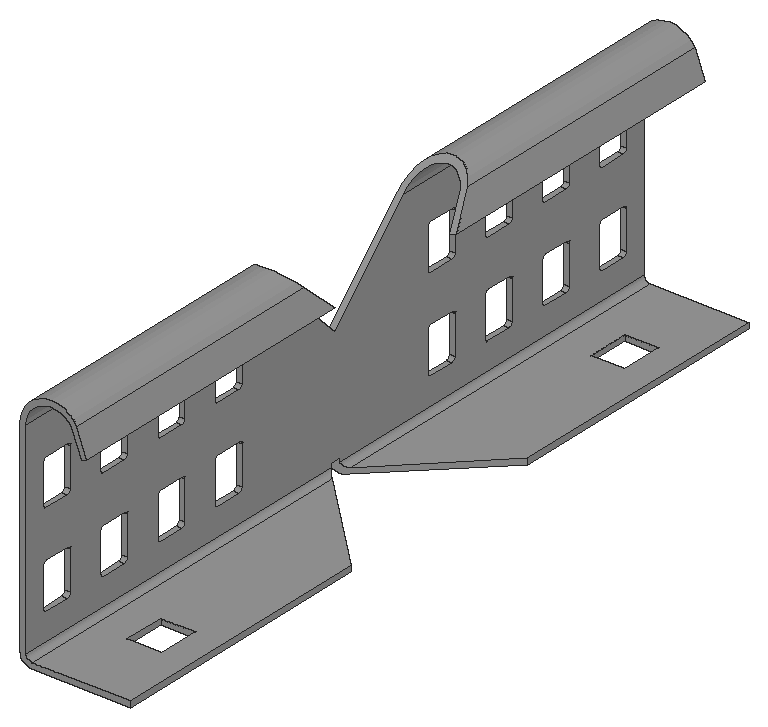
Revit family "winkelverbinder - LWVG 60 FS.pdf", category Generic Models, Revit 2017
Family settings
  Can host rebar = No
  Round Connector Dimension = Use Diameter
  Part Type = Normal
  Work Plane-Based = No
  Always vertical = Yes
  Cut with Voids When Loaded = No
  Shared = No
  Room Calculation Point = No
Parameters (values of type "LWVG 60 FSK LGR")
  URL = "http://www.obo-bettermann.com"
  Material = PES50 - Polyester / epoxy
  Manufacturer Art.No. = "6479785"
  Manufacturer = "OBO BETTERMANN"
  GTIN = "4012195238751"
  Article Type = "LWVG 60 FSK LGR"
Types (5, lengths in mm): name | Material | Manufacturer Art.No. | GTIN | Article Type
  (no name) | PES50 - Polyester / epoxy | "6479785" | "4012195238751" | "LWVG 60 FSK LGR"
  LWVG 60 FS | Strip-galvanised | "6208895" | "4012195065586" | "LWVG 60 FS"
  LWVG 60 A2 | Stainless steel, A2 | "6208898" | "4012195065616" | "LWVG 60 A2"
  LWVG 60 A4 | Stainless steel, A4 | "6208891" | "4012195022084" | "LWVG 60 A4"
  LWVG 60 FSK LGR | PES50 - Polyester / epoxy | "6479785" | "4012195238751" | "LWVG 60 FSK LGR"
Reference planes
  plane 1 "Center (Front/Back)": y = 0
  plane 2: z = 0
  plane 3 "Center (Left/Right)": x = 0
  plane 4: z = 56
  plane 5: z = 53.009
  plane 6: z = 64.113
  plane 7: y = 200
  plane 8: y = 100
  plane 9: z = 33.87
  plane 10: x = 19.864
  plane 11: y = 175
  plane 12: y = 25
  plane 13: y = 100
  plane 14: x = 16.5
  plane 15: y = 100
  plane 16: y = 25
  plane 17: y = 175
  plane 18: y = 100
  plane 19: x = 16.5
  plane 20: z = 15.923
  plane 21: y = 10
  plane 22: y = 28.5
  plane 23: y = 47
  plane 24: y = 65.5
  plane 25: z = 39.923
  plane 26: z = 27.923
  plane 27: y = 47
  plane 28: y = 65.5
  plane 29: y = 153
  plane 30: y = 134.5
  plane 31: y = 153
  plane 32: y = 134.5
Forms (mm)
  Extrusion 1, solid, material "PES50 - Polyester / epoxy" <- "Material"
    sketch origin (0, 0, 0) x (1, 0, 0) y (0, 0, 1)
      loop
        arc (3, 1.5) -> (1.939, 1.939) -> (1.5, 3) r 1.5
        line (1.5, 3) -> (1.5, 56)
        arc (1.5, 56) -> (6.079, 62.216) -> (13.374, 59.687) r 6.509
        line (13.374, 59.687) -> (15.812, 52.987) -> (17.222, 53.5) -> (14.721, 60.37)
        arc (14.721, 60.37) -> (5.73, 63.678) -> (0, 56) r 8.009
        line (0, 56) -> (0, 3)
        arc (0, 3) -> (0.879, 0.879) -> (3, 0) r 3
        line (3, 0) -> (28.5, 0) -> (28.5, 1.5) -> (3, 1.5)
    from -200 to 0
  Extrusion 2, void
    sketch origin (0, 0, 0) x (0, 1, 0) y (0, 0, 1)
      loop
        line (100, 33.87) -> (131.82, 65.69) -> (68.18, 65.69) -> (100, 33.87)
    from 0 to 19.864
  Extrusion 3, void
    sketch origin (0, 0, 0) x (1, 0, 0) y (0, 1, 0)
      loop
        line (0, 100.003) -> (28.5, 71.503) -> (28.5, 128.503) -> (0, 100.003)
    from 0 to 3.923
  Extrusion 4, void
    sketch origin (0, 0, 0) x (1, 0, 0) y (0, 1, 0)
      loop
        line (12, 180.5) -> (12, 169.5) -> (21, 169.5) -> (21, 180.5) -> (12, 180.5)
    from 0 to 1.5
  Extrusion 5, void
    sketch origin (0, 200, 0) x (1, 0, 0) y (0, 1, 0)
      loop
        line (12, -180.5) -> (21, -180.5) -> (21, -169.5) -> (12, -169.5) -> (12, -180.5)
    from 0 to 1.5
  Extrusion 6, void
    sketch origin (0, 0, 0) x (0, 1, 0) y (0, 0, 1)
      loop
        arc (6.5, 21.923) -> (5.793, 21.63) -> (5.5, 20.923) r 1
        line (5.5, 20.923) -> (5.5, 10.923)
        arc (5.5, 10.923) -> (5.793, 10.215) -> (6.5, 9.923) r 1
        line (6.5, 9.923) -> (13.5, 9.923)
        arc (13.5, 9.923) -> (14.207, 10.215) -> (14.5, 10.923) r 1
        line (14.5, 10.923) -> (14.5, 20.923)
        arc (14.5, 20.923) -> (14.207, 21.63) -> (13.5, 21.923) r 1
        line (13.5, 21.923) -> (6.5, 21.923)
    from 0 to 1.5
  Extrusion 7, void
    sketch origin (0, 0, 0) x (0, 1, 0) y (0, 0, 1)
      loop
        arc (25, 21.923) -> (24.293, 21.63) -> (24, 20.923) r 1
        line (24, 20.923) -> (24, 10.923)
        arc (24, 10.923) -> (24.293, 10.215) -> (25, 9.923) r 1
        line (25, 9.923) -> (32, 9.923)
        arc (32, 9.923) -> (32.707, 10.215) -> (33, 10.923) r 1
        line (33, 10.923) -> (33, 20.923)
        arc (33, 20.923) -> (32.707, 21.63) -> (32, 21.923) r 1
        line (32, 21.923) -> (25, 21.923)
    from 0 to 1.5
  Extrusion 8, void
    sketch origin (0, 0, 0) x (0, 1, 0) y (0, 0, 1)
      loop
        arc (43.5, 21.923) -> (42.793, 21.63) -> (42.5, 20.923) r 1
        line (42.5, 20.923) -> (42.5, 10.923)
        arc (42.5, 10.923) -> (42.793, 10.215) -> (43.5, 9.923) r 1
        line (43.5, 9.923) -> (50.5, 9.923)
        arc (50.5, 9.923) -> (51.207, 10.215) -> (51.5, 10.923) r 1
        line (51.5, 10.923) -> (51.5, 20.923)
        arc (51.5, 20.923) -> (51.207, 21.63) -> (50.5, 21.923) r 1
        line (50.5, 21.923) -> (43.5, 21.923)
      loop
        arc (62, 21.923) -> (61.293, 21.63) -> (61, 20.923) r 1
        line (61, 20.923) -> (61, 10.923)
        arc (61, 10.923) -> (61.293, 10.215) -> (62, 9.923) r 1
        line (62, 9.923) -> (69, 9.923)
        arc (69, 9.923) -> (69.707, 10.215) -> (70, 10.923) r 1
        line (70, 10.923) -> (70, 20.923)
        arc (70, 20.923) -> (69.707, 21.63) -> (69, 21.923) r 1
        line (69, 21.923) -> (62, 21.923)
    from 0 to 1.5
  Extrusion 9, void
    sketch origin (0, 0, 55.845) x (0, 1, 0) y (0, 0, 1)
      loop
        line (6.5, -21.923) -> (13.5, -21.923)
        arc (13.5, -21.923) -> (14.207, -21.63) -> (14.5, -20.923) r 1
        line (14.5, -20.923) -> (14.5, -10.923)
        arc (14.5, -10.923) -> (14.207, -10.215) -> (13.5, -9.923) r 1
        line (13.5, -9.923) -> (6.5, -9.923)
        arc (6.5, -9.923) -> (5.793, -10.215) -> (5.5, -10.923) r 1
        line (5.5, -10.923) -> (5.5, -20.923)
        arc (5.5, -20.923) -> (5.793, -21.63) -> (6.5, -21.923) r 1
    from 0 to 1.5
  Extrusion 10, void
    sketch origin (0, 0, 55.845) x (0, 1, 0) y (0, 0, 1)
      loop
        line (25, -21.923) -> (32, -21.923)
        arc (32, -21.923) -> (32.707, -21.63) -> (33, -20.923) r 1
        line (33, -20.923) -> (33, -10.923)
        arc (33, -10.923) -> (32.707, -10.215) -> (32, -9.923) r 1
        line (32, -9.923) -> (25, -9.923)
        arc (25, -9.923) -> (24.293, -10.215) -> (24, -10.923) r 1
        line (24, -10.923) -> (24, -20.923)
        arc (24, -20.923) -> (24.293, -21.63) -> (25, -21.923) r 1
    from 0 to 1.5
  Extrusion 11, void
    sketch origin (0, 0, 55.845) x (0, 1, 0) y (0, 0, 1)
      loop
        line (43.5, -21.923) -> (50.5, -21.923)
        arc (50.5, -21.923) -> (51.207, -21.63) -> (51.5, -20.923) r 1
        line (51.5, -20.923) -> (51.5, -10.923)
        arc (51.5, -10.923) -> (51.207, -10.215) -> (50.5, -9.923) r 1
        line (50.5, -9.923) -> (43.5, -9.923)
        arc (43.5, -9.923) -> (42.793, -10.215) -> (42.5, -10.923) r 1
        line (42.5, -10.923) -> (42.5, -20.923)
        arc (42.5, -20.923) -> (42.793, -21.63) -> (43.5, -21.923) r 1
      loop
        line (62, -21.923) -> (69, -21.923)
        arc (69, -21.923) -> (69.707, -21.63) -> (70, -20.923) r 1
        line (70, -20.923) -> (70, -10.923)
        arc (70, -10.923) -> (69.707, -10.215) -> (69, -9.923) r 1
        line (69, -9.923) -> (62, -9.923)
        arc (62, -9.923) -> (61.293, -10.215) -> (61, -10.923) r 1
        line (61, -10.923) -> (61, -20.923)
        arc (61, -20.923) -> (61.293, -21.63) -> (62, -21.923) r 1
    from 0 to 1.5
  Extrusion 12, void
    sketch origin (0, 200, 0) x (0, -1, 0) y (0, 0, -1)
      loop
        line (6.5, -21.923) -> (13.5, -21.923)
        arc (13.5, -21.923) -> (14.207, -21.63) -> (14.5, -20.923) r 1
        line (14.5, -20.923) -> (14.5, -10.923)
        arc (14.5, -10.923) -> (14.207, -10.215) -> (13.5, -9.923) r 1
        line (13.5, -9.923) -> (6.5, -9.923)
        arc (6.5, -9.923) -> (5.793, -10.215) -> (5.5, -10.923) r 1
        line (5.5, -10.923) -> (5.5, -20.923)
        arc (5.5, -20.923) -> (5.793, -21.63) -> (6.5, -21.923) r 1
    from 0 to 1.5
  Extrusion 13, void
    sketch origin (0, 200, 0) x (0, -1, 0) y (0, 0, -1)
      loop
        line (25, -21.923) -> (32, -21.923)
        arc (32, -21.923) -> (32.707, -21.63) -> (33, -20.923) r 1
        line (33, -20.923) -> (33, -10.923)
        arc (33, -10.923) -> (32.707, -10.215) -> (32, -9.923) r 1
        line (32, -9.923) -> (25, -9.923)
        arc (25, -9.923) -> (24.293, -10.215) -> (24, -10.923) r 1
        line (24, -10.923) -> (24, -20.923)
        arc (24, -20.923) -> (24.293, -21.63) -> (25, -21.923) r 1
    from 0 to 1.5
  Extrusion 14, void
    sketch origin (0, 200, 0) x (0, -1, 0) y (0, 0, -1)
      loop
        line (43.5, -21.923) -> (50.5, -21.923)
        arc (50.5, -21.923) -> (51.207, -21.63) -> (51.5, -20.923) r 1
        line (51.5, -20.923) -> (51.5, -10.923)
        arc (51.5, -10.923) -> (51.207, -10.215) -> (50.5, -9.923) r 1
        line (50.5, -9.923) -> (43.5, -9.923)
        arc (43.5, -9.923) -> (42.793, -10.215) -> (42.5, -10.923) r 1
        line (42.5, -10.923) -> (42.5, -20.923)
        arc (42.5, -20.923) -> (42.793, -21.63) -> (43.5, -21.923) r 1
      loop
        line (62, -21.923) -> (69, -21.923)
        arc (69, -21.923) -> (69.707, -21.63) -> (70, -20.923) r 1
        line (70, -20.923) -> (70, -10.923)
        arc (70, -10.923) -> (69.707, -10.215) -> (69, -9.923) r 1
        line (69, -9.923) -> (62, -9.923)
        arc (62, -9.923) -> (61.293, -10.215) -> (61, -10.923) r 1
        line (61, -10.923) -> (61, -20.923)
        arc (61, -20.923) -> (61.293, -21.63) -> (62, -21.923) r 1
    from 0 to 1.5
  Extrusion 15, void
    sketch origin (0, 200, 55.845) x (0, -1, 0) y (0, 0, -1)
      loop
        arc (6.5, 21.923) -> (5.793, 21.63) -> (5.5, 20.923) r 1
        line (5.5, 20.923) -> (5.5, 10.923)
        arc (5.5, 10.923) -> (5.793, 10.215) -> (6.5, 9.923) r 1
        line (6.5, 9.923) -> (13.5, 9.923)
        arc (13.5, 9.923) -> (14.207, 10.215) -> (14.5, 10.923) r 1
        line (14.5, 10.923) -> (14.5, 20.923)
        arc (14.5, 20.923) -> (14.207, 21.63) -> (13.5, 21.923) r 1
        line (13.5, 21.923) -> (6.5, 21.923)
    from 0 to 1.5
  Extrusion 16, void
    sketch origin (0, 200, 55.845) x (0, -1, 0) y (0, 0, -1)
      loop
        arc (25, 21.923) -> (24.293, 21.63) -> (24, 20.923) r 1
        line (24, 20.923) -> (24, 10.923)
        arc (24, 10.923) -> (24.293, 10.215) -> (25, 9.923) r 1
        line (25, 9.923) -> (32, 9.923)
        arc (32, 9.923) -> (32.707, 10.215) -> (33, 10.923) r 1
        line (33, 10.923) -> (33, 20.923)
        arc (33, 20.923) -> (32.707, 21.63) -> (32, 21.923) r 1
        line (32, 21.923) -> (25, 21.923)
    from 0 to 1.5
  Extrusion 17, void
    sketch origin (0, 200, 55.845) x (0, -1, 0) y (0, 0, -1)
      loop
        arc (43.5, 21.923) -> (42.793, 21.63) -> (42.5, 20.923) r 1
        line (42.5, 20.923) -> (42.5, 10.923)
        arc (42.5, 10.923) -> (42.793, 10.215) -> (43.5, 9.923) r 1
        line (43.5, 9.923) -> (50.5, 9.923)
        arc (50.5, 9.923) -> (51.207, 10.215) -> (51.5, 10.923) r 1
        line (51.5, 10.923) -> (51.5, 20.923)
        arc (51.5, 20.923) -> (51.207, 21.63) -> (50.5, 21.923) r 1
        line (50.5, 21.923) -> (43.5, 21.923)
      loop
        arc (62, 21.923) -> (61.293, 21.63) -> (61, 20.923) r 1
        line (61, 20.923) -> (61, 10.923)
        arc (61, 10.923) -> (61.293, 10.215) -> (62, 9.923) r 1
        line (62, 9.923) -> (69, 9.923)
        arc (69, 9.923) -> (69.707, 10.215) -> (70, 10.923) r 1
        line (70, 10.923) -> (70, 20.923)
        arc (70, 20.923) -> (69.707, 21.63) -> (69, 21.923) r 1
        line (69, 21.923) -> (62, 21.923)
    from 0 to 1.5
Cuts and joins
  Extrusion 2, Extrusion 3, Extrusion 4, Extrusion 5, Extrusion 6, Extrusion 7, Extrusion 8, Extrusion 9, Extrusion 10, Extrusion 11, Extrusion 12, Extrusion 13, Extrusion 14, Extrusion 15, Extrusion 16, Extrusion 17 cuts Extrusion 1
Dimensions and locks
  Extrusion 1 sketch curve to Extrusion 1 sketch curve = 28.5 mm  (x2)
  locked: Extrusion 1 sketch curve to plane 5 at 11
  locked: plane 6 to plane 5 at 11.104
  locked: Extrusion 1 sketch curve to Extrusion 1 sketch curve at 64.009
  locked: plane 1 "Center (Front/Back)" to plane 7 at 200
  locked: plane 1 "Center (Front/Back)" to plane 8 at 100
  locked: Extrusion 1 to plane 9 at 26.5
  plane 8 to Extrusion 2 sketch curve = 31.82 mm
  locked: plane 10 to plane 3 "Center (Left/Right)" at 19.864
  locked: plane 13 to plane 1 "Center (Front/Back)" at 100
  locked: plane 13 to plane 12 at 75
  locked: plane 11 to plane 13 at 75
  plane 14 to cut or joined group 1 (Extrusion 1, Extrusion 2, Extrusion 3, Extrusion 4, Extrusion 5, Extrusion 6, Extrusion 7, Extrusion 8, Extrusion 9, Extrusion 10, Extrusion 11, Extrusion 12, Extrusion 13, Extrusion 14, Extrusion 15, Extrusion 16, Extrusion 17) = 12 mm  (x2)
  Extrusion 4 sketch curve to Extrusion 4 sketch curve = 9 mm
  plane 14 to Extrusion 4 sketch curve = 4.5 mm
  locked: Extrusion 4 sketch curve to Extrusion 4 sketch curve at 11
  locked: plane 11 to Extrusion 4 sketch curve at 5.5
  locked: plane 18 to plane 17 at 75
  locked: plane 16 to plane 18 at 75
  Extrusion 5 sketch curve to Extrusion 5 sketch curve = 9 mm
  plane 19 to Extrusion 5 sketch curve = 4.5 mm
  locked: Extrusion 5 sketch curve to Extrusion 5 sketch curve at 11
  locked: plane 16 to Extrusion 5 sketch curve at 5.5
  locked: plane 20 to cut or joined group 1 at 12
  locked: Extrusion 6 sketch curve to Extrusion 6 sketch curve at 9
  locked: Extrusion 6 sketch curve to plane 21 at 4.5
  locked: Extrusion 6 sketch curve to Extrusion 6 sketch curve at 12
  locked: plane 20 to Extrusion 6 sketch curve at 6
  locked: cut or joined group 1 to plane 22 at 28.5
  locked: Extrusion 7 sketch curve to Extrusion 7 sketch curve at 12
  locked: plane 20 to Extrusion 7 sketch curve at 6
  locked: Extrusion 7 sketch curve to Extrusion 7 sketch curve at 9
  locked: Extrusion 7 sketch curve to plane 22 at 4.5
  locked: Extrusion 8 sketch curve to Extrusion 8 sketch curve at 12  (x2)
  locked: plane 20 to Extrusion 8 sketch curve at 6
  locked: Extrusion 8 sketch curve to Extrusion 8 sketch curve at 9
  locked: plane 23 to Extrusion 8 sketch curve at 4.5
  Extrusion 8 sketch curve to Extrusion 8 sketch curve = 9 mm
  locked: plane 24 to Extrusion 8 sketch curve at 4.5
  locked: cut or joined group 1 to plane 26 at 27.923
  locked: Extrusion 9 sketch curve to Extrusion 9 sketch curve at 9
  locked: Extrusion 9 sketch curve to Extrusion 9 sketch curve at 12
  locked: Extrusion 10 sketch curve to Extrusion 10 sketch curve at 12
  locked: Extrusion 10 sketch curve to Extrusion 10 sketch curve at 9
  locked: Extrusion 11 sketch curve to Extrusion 11 sketch curve at 12  (x2)
  locked: Extrusion 11 sketch curve to Extrusion 11 sketch curve at 9
  locked: plane 27 to Extrusion 11 sketch curve at 4.5
  Extrusion 11 sketch curve to Extrusion 11 sketch curve = 9 mm
  locked: plane 28 to Extrusion 11 sketch curve at 4.5
  locked: Extrusion 12 sketch curve to Extrusion 12 sketch curve at 9
  locked: Extrusion 12 sketch curve to Extrusion 12 sketch curve at 12
  locked: Extrusion 13 sketch curve to Extrusion 13 sketch curve at 12
  locked: Extrusion 13 sketch curve to Extrusion 13 sketch curve at 9
  locked: Extrusion 14 sketch curve to Extrusion 14 sketch curve at 12  (x2)
  locked: Extrusion 14 sketch curve to Extrusion 14 sketch curve at 9
  locked: plane 29 to Extrusion 14 sketch curve at 4.5
  Extrusion 14 sketch curve to Extrusion 14 sketch curve = 9 mm
  locked: plane 30 to Extrusion 14 sketch curve at 4.5
  locked: Extrusion 15 sketch curve to Extrusion 15 sketch curve at 9
  locked: Extrusion 15 sketch curve to Extrusion 15 sketch curve at 12
  locked: Extrusion 16 sketch curve to Extrusion 16 sketch curve at 12
  locked: Extrusion 16 sketch curve to Extrusion 16 sketch curve at 9
  locked: Extrusion 17 sketch curve to Extrusion 17 sketch curve at 12  (x2)
  locked: Extrusion 17 sketch curve to Extrusion 17 sketch curve at 9
  locked: plane 31 to Extrusion 17 sketch curve at 4.5
  Extrusion 17 sketch curve to Extrusion 17 sketch curve = 9 mm
  locked: plane 32 to Extrusion 17 sketch curve at 4.5
  radius of Extrusion 1 sketch curve = 6.509 mm
  angle Extrusion 2 sketch curve to Extrusion 2 sketch curve = 90.00°
  aligned and locked: level to plane 2
  aligned and locked: plane 1 "Center (Front/Back)" to Extrusion 1
  aligned and locked: plane 7 to Extrusion 1
  aligned and locked: Extrusion 2 to plane 3 "Center (Left/Right)"
  aligned and locked: Extrusion 2 to plane 10
  aligned and locked: Extrusion 4 to level
  aligned and locked: Extrusion 1 to Extrusion 4
  aligned and locked: Extrusion 6 to plane 3 "Center (Left/Right)"
  aligned and locked: Extrusion 7 to plane 3 "Center (Left/Right)"
  aligned and locked: Extrusion 1 to Extrusion 7
  aligned and locked: Extrusion 8 to plane 3 "Center (Left/Right)"
  aligned and locked: Extrusion 1 to Extrusion 8
Automatic sketch dimensions
  Extrusion 1 sketch curve to Extrusion 1 sketch curve = 0 mm  (x4)
  Extrusion 1 sketch curve to plane 3 "Center (Left/Right)" = 0 mm
  Extrusion 1 sketch curve to plane 4 = 0 mm
  plane 3 "Center (Left/Right)" to Extrusion 1 sketch curve = 3 mm
  plane 4 to Extrusion 1 sketch curve = 3.687 mm
  Extrusion 1 sketch curve to plane 6 = 3.744 mm
  Extrusion 1 sketch curve to plane 5 = 0.022 mm
  Extrusion 1 sketch curve to plane 10 = 4.051 mm
  Extrusion 2 sketch curve to plane 8 = 0 mm
  Extrusion 2 sketch curve to plane 9 = 0 mm
  plane 25 to Extrusion 2 sketch curve = 25.767 mm
  Extrusion 3 sketch curve to plane 3 "Center (Left/Right)" = 0 mm
  plane 10 to Extrusion 3 sketch curve = 8.636 mm
  Extrusion 3 sketch curve to plane 15 = 28.497 mm
  plane 15 to Extrusion 3 sketch curve = 0.003 mm
  Extrusion 6 sketch curve to Extrusion 6 sketch curve = 1 mm  (x4)
  Extrusion 7 sketch curve to Extrusion 7 sketch curve = 1 mm  (x4)
  Extrusion 8 sketch curve to Extrusion 8 sketch curve = 1 mm  (x8)
  Extrusion 8 sketch curve to plane 20 = 6 mm
  plane 21 to Extrusion 9 sketch curve = 4.5 mm
  Extrusion 9 sketch curve to Extrusion 9 sketch curve = 1 mm  (x4)
  Extrusion 9 sketch curve to plane 25 = 6 mm
  plane 22 to Extrusion 10 sketch curve = 4.5 mm
  Extrusion 10 sketch curve to Extrusion 10 sketch curve = 1 mm  (x4)
  Extrusion 10 sketch curve to plane 25 = 6 mm
  Extrusion 11 sketch curve to Extrusion 11 sketch curve = 1 mm  (x8)
  Extrusion 11 sketch curve to plane 25 = 6 mm  (x2)
  plane 7 to Extrusion 12 sketch curve = 5.5 mm
  Extrusion 12 sketch curve to Extrusion 12 sketch curve = 1 mm  (x4)
  plane 20 to Extrusion 12 sketch curve = 6 mm
  plane 20 to Extrusion 13 sketch curve = 5 mm
  plane 7 to Extrusion 13 sketch curve = 24 mm
  Extrusion 13 sketch curve to Extrusion 13 sketch curve = 1 mm  (x4)
  Extrusion 14 sketch curve to Extrusion 14 sketch curve = 1 mm  (x8)
  plane 20 to Extrusion 14 sketch curve = 6 mm  (x2)
  Extrusion 15 sketch curve to plane 7 = 5.5 mm
  Extrusion 15 sketch curve to Extrusion 15 sketch curve = 1 mm  (x4)
  plane 25 to Extrusion 15 sketch curve = 6 mm
  plane 25 to Extrusion 16 sketch curve = 5 mm
  Extrusion 16 sketch curve to plane 7 = 24 mm
  Extrusion 16 sketch curve to Extrusion 16 sketch curve = 1 mm  (x4)
  Extrusion 17 sketch curve to Extrusion 17 sketch curve = 1 mm  (x8)
  plane 25 to Extrusion 17 sketch curve = 6 mm  (x2)
